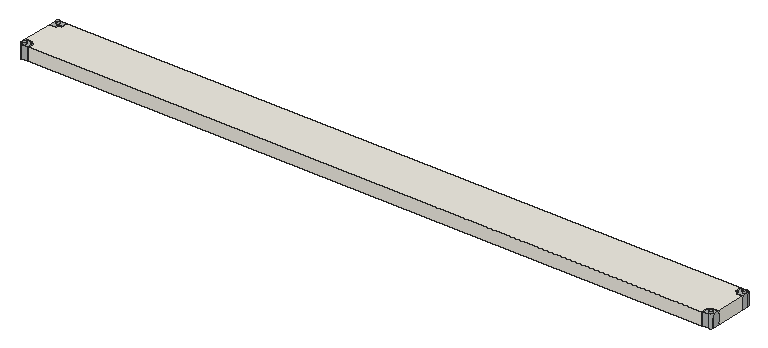
Revit family "HIGHTECH", category Осветительные приборы, Revit 2019 (continued)
Types (32, lengths in mm): name | Файл фотометрической сетки | built-in parameter 1150105 | Lumens | built-in parameter 1150106 | built-in parameter 1150142 | Wattage | Emit from Rectangle Width | Emit from Rectangle Length | Длина | Ширина | ADSK_Ток | ADSK_Полная мощность | ADSK_Обозначение | ADSK_Номинальная мощность | ADSK_Наименование | ADSK_Масса | ADSK_Код изделия
  Hightech-38/opal-sand 595х595 (IP54, 4000К, белый) c БАП на 1 час | "Светильник HIGHTECH-38 OPAL-SAND-(595x595).IES" | 302.39 (stored number, unit not read) | 3800 lm | 3.0239 (stored number, unit not read) | "IESNA:LM-63-95\r\n[TEST] Протокол № 50-13\r\n[DATA] 17.06.2016\r\n[MORE] \r\n[MANUFAC] ЗАО \"Центрстройсвет\"\r\n[LUMCAT]  Светильник HIGHTECH-38/OPAL-SAND-(595x595)\r\n[LUMINAIRE]\r\n[LAMPCAT] Светодиоды\r\n[LAMP] Поток источника света (светодиодов) не известен\r\n[MORE] КСС приведена в абсолютных величинах кд\r\n[MORE] Вместо потока лампы, указан поток светильника.\r\nTILT=NONE\r\n1    3750 1.0 37 73 1 2 0.595 0.595 0.04\r\n1.0 1.0 38.7\r\n0.0 5.0 10.0 15.0 20.0 25.0 30.0 35.0 40.0 45.0 50.0 55.0 60.0 65.0 70.0 75.0 80.0 85.0 90.0 95.0 100.0 105.0 110.0 115.0 120.0 125.0 130.0 135.0 140.0 145.0 150.0 155.0 160.0 165.0 170.0 175.0 180.0\r\n0.0 5.0 10.0 15.0 20.0 25.0 30.0 35.0 40.0 45.0 50.0 55.0 60.0 65.0 70.0 75.0 80.0 85.0 90.0 95.0 100.0 105.0 110.0 115.0 120.0 125.0 130.0 135.0 140.0 145.0 150.0 155.0 160.0 165.0 170.0 175.0 180.0 185.0 190.0 195.0 200.0 205.0 210.0 215.0 220.0 225.0 230.0 235.0 240.0 245.0 250.0 255.0 260.0 265.0 270.0 275.0 280.0 285.0 290.0 295.0 300.0 305.0 310.0 315.0 320.0 325.0 330.0 335.0 340.0 345.0 350.0 355.0 360.0\r\n1391.4 1390.6 1365.7 1330.6 1277.5 1214.9 1147.5 1059.6 967.6 873.2 772.4 664.9 556.3 449.1 342.7 240.6 147.1 64.2 4.7 0.0 0.0 0.0 0.0 0.0 0.0 0.0 0.0 0.0 0.0 0.0 0.0 0.0 0.0 0.0 0.0 0.0 0.0\r\n1391.4 1390.5 1367.8 1332.7 1284.3 1221.3 1147.0 1062.1 969.2 872.4 773.2 666.3 557.1 450.1 343.8 241.9 146.9 64.7 5.2 0.0 0.0 0.0 0.0 0.0 0.0 0.0 0.0 0.0 0.0 0.0 0.0 0.0 0.0 0.0 0.0 0.0 0.0\r\n1391.4 1390.2 1372.0 1333.3 1277.3 1216.8 1144.5 1057.4 969.6 875.1 773.8 669.5 560.0 454.6 345.8 242.4 148.5 65.8 5.4 0.0 0.0 0.0 0.0 0.0 0.0 0.0 0.0 0.0 0.0 0.0 0.0 0.0 0.0 0.0 0.0 0.0 0.0\r\n1391.4 1389.8 1371.2 1330.7 1279.5 1220.5 1148.3 1059.9 967.7 873.2 767.5 666.8 561.4 453.0 347.1 243.7 149.9 65.6 5.8 0.0 0.0 0.0 0.0 0.0 0.0 0.0 0.0 0.0 0.0 0.0 0.0 0.0 0.0 0.0 0.0 0.0 0.0\r\n1391.4 1389.8 1368.3 1329.3 1285.0 1214.6 1141.1 1058.7 971.8 871.3 775.2 666.9 559.4 452.6 345.8 242.5 150.0 65.8 6.1 0.0 0.0 0.0 0.0 0.0 0.0 0.0 0.0 0.0 0.0 0.0 0.0 0.0 0.0 0.0 0.0 0.0 0.0\r\n1391.4 1390.5 1367.3 1332.3 1281.7 1219.0 1142.8 1064.6 970.5 874.4 772.1 667.5 560.2 453.0 346.2 241.8 149.4 65.7 5.6 0.0 0.0 0.0 0.0 0.0 0.0 0.0 0.0 0.0 0.0 0.0 0.0 0.0 0.0 0.0 0.0 0.0 0.0\r\n1391.4 1391.4 1368.1 1333.5 1277.3 1215.7 1139.0 1059.6 968.1 872.4 771.6 667.4 558.8 453.3 344.3 243.9 148.4 65.7 5.4 0.0 0.0 0.0 0.0 0.0 0.0 0.0 0.0 0.0 0.0 0.0 0.0 0.0 0.0 0.0 0.0 0.0 0.0\r\n1391.4 1391.7 1368.1 1330.4 1278.2 1213.9 1142.4 1061.6 967.4 875.1 772.0 669.3 561.1 452.5 345.2 242.1 148.3 65.4 5.5 0.0 0.0 0.0 0.0 0.0 0.0 0.0 0.0 0.0 0.0 0.0 0.0 0.0 0.0 0.0 0.0 0.0 0.0\r\n1391.4 1391.5 1371.0 1328.4 1278.5 1216.7 1142.1 1061.2 971.8 874.7 772.1 668.9 560.8 452.9 345.4 243.3 147.7 66.0 5.4 0.0 0.0 0.0 0.0 0.0 0.0 0.0 0.0 0.0 0.0 0.0 0.0 0.0 0.0 0.0 0.0 0.0 0.0\r\n1391.4 1391.5 1373.2 1330.5 1277.3 1215.5 1143.2 1063.6 967.0 872.7 772.2 669.4 558.9 453.2 346.6 241.9 148.1 65.2 5.5 0.0 0.0 0.0 0.0 0.0 0.0 0.0 0.0 0.0 0.0 0.0 0.0 0.0 0.0 0.0 0.0 0.0 0.0\r\n1391.4 1391.4 1369.7 1328.3 1281.3 1216.0 1139.8 1057.9 968.7 875.3 773.9 667.6 561.8 454.0 344.0 243.1 147.2 65.6 5.5 0.0 0.0 0.0 0.0 0.0 0.0 0.0 0.0 0.0 0.0 0.0 0.0 0.0 0.0 0.0 0.0 0.0 0.0\r\n1391.4 1390.5 1367.9 1330.1 1278.1 1218.1 1138.9 1061.0 970.0 871.8 770.4 669.3 560.2 453.4 346.9 242.1 148.3 65.2 5.2 0.0 0.0 0.0 0.0 0.0 0.0 0.0 0.0 0.0 0.0 0.0 0.0 0.0 0.0 0.0 0.0 0.0 0.0\r\n1391.4 1389.3 1368.2 1329.1 1280.8 1214.4 1142.5 1059.2 967.2 874.3 772.4 668.0 563.1 452.3 345.7 242.8 146.8 64.9 5.1 0.0 0.0 0.0 0.0 0.0 0.0 0.0 0.0 0.0 0.0 0.0 0.0 0.0 0.0 0.0 0.0 0.0 0.0\r\n1391.4 1388.6 1367.4 1327.8 1278.0 1215.7 1141.0 1061.0 971.5 877.3 771.2 667.3 561.5 453.0 346.4 242.4 146.3 64.8 5.2 0.0 0.0 0.0 0.0 0.0 0.0 0.0 0.0 0.0 0.0 0.0 0.0 0.0 0.0 0.0 0.0 0.0 0.0\r\n1391.4 1388.0 1367.6 1326.7 1278.3 1218.0 1140.9 1061.5 968.4 873.4 770.1 666.6 562.1 454.6 344.8 241.8 146.4 64.0 5.5 0.0 0.0 0.0 0.0 0.0 0.0 0.0 0.0 0.0 0.0 0.0 0.0 0.0 0.0 0.0 0.0 0.0 0.0\r\n1391.4 1387.2 1366.1 1331.0 1281.4 1216.3 1142.7 1059.1 969.4 871.5 772.2 667.3 560.5 453.0 344.4 242.2 146.4 63.8 5.6 0.0 0.0 0.0 0.0 0.0 0.0 0.0 0.0 0.0 0.0 0.0 0.0 0.0 0.0 0.0 0.0 0.0 0.0\r\n1391.4 1387.1 1366.3 1328.7 1276.9 1214.5 1141.2 1059.3 968.4 874.3 775.5 668.3 562.5 454.9 346.4 241.3 146.2 63.5 5.7 0.0 0.0 0.0 0.0 0.0 0.0 0.0 0.0 0.0 0.0 0.0 0.0 0.0 0.0 0.0 0.0 0.0 0.0\r\n1391.4 1388.4 1366.0 1329.7 1279.2 1217.9 1140.0 1060.5 969.0 873.9 772.0 671.3 560.4 453.2 343.7 241.7 145.8 63.7 5.4 0.0 0.0 0.0 0.0 0.0 0.0 0.0 0.0 0.0 0.0 0.0 0.0 0.0 0.0 0.0 0.0 0.0 0.0\r\n1391.4 1389.6 1367.7 1329.3 1277.2 1211.1 1140.1 1061.0 971.0 871.2 769.2 669.1 561.5 453.1 343.3 241.9 145.8 63.4 5.2 0.0 0.0 0.0 0.0 0.0 0.0 0.0 0.0 0.0 0.0 0.0 0.0 0.0 0.0 0.0 0.0 0.0 0.0\r\n1391.4 1388.8 1366.9 1327.1 1279.4 1214.2 1142.5 1056.4 970.7 870.3 771.0 665.1 560.4 453.3 343.8 241.1 145.7 63.4 5.2 0.0 0.0 0.0 0.0 0.0 0.0 0.0 0.0 0.0 0.0 0.0 0.0 0.0 0.0 0.0 0.0 0.0 0.0\r\n1391.4 1387.2 1365.8 1328.9 1276.6 1210.2 1141.4 1059.3 966.6 871.4 770.5 667.4 559.2 451.4 344.2 241.0 145.6 63.2 5.1 0.0 0.0 0.0 0.0 0.0 0.0 0.0 0.0 0.0 0.0 0.0 0.0 0.0 0.0 0.0 0.0 0.0 0.0\r\n1391.4 1386.8 1364.4 1329.8 1279.4 1213.7 1144.0 1059.0 965.3 873.7 768.8 668.9 559.4 449.5 342.6 241.5 144.6 63.4 5.0 0.0 0.0 0.0 0.0 0.0 0.0 0.0 0.0 0.0 0.0 0.0 0.0 0.0 0.0 0.0 0.0 0.0 0.0\r\n1391.4 1388.1 1365.8 1328.1 1273.8 1213.4 1137.9 1059.2 967.3 869.2 769.3 667.7 558.4 451.4 344.0 240.6 145.7 63.4 4.9 0.0 0.0 0.0 0.0 0.0 0.0 0.0 0.0 0.0 0.0 0.0 0.0 0.0 0.0 0.0 0.0 0.0 0.0\r\n1391.4 1389.2 1364.4 1323.2 1276.3 1213.8 1137.6 1055.3 963.1 871.0 767.7 664.1 559.7 447.1 342.4 240.1 145.2 63.9 5.1 0.0 0.0 0.0 0.0 0.0 0.0 0.0 0.0 0.0 0.0 0.0 0.0 0.0 0.0 0.0 0.0 0.0 0.0\r\n1391.4 1388.4 1362.3 1326.8 1274.4 1212.2 1137.9 1054.7 966.7 867.9 768.7 663.4 557.3 449.2 343.3 240.0 145.7 63.6 5.0 0.0 0.0 0.0 0.0 0.0 0.0 0.0 0.0 0.0 0.0 0.0 0.0 0.0 0.0 0.0 0.0 0.0 0.0\r\n1391.4 1386.2 1361.8 1326.5 1273.3 1211.2 1134.5 1048.6 964.3 866.3 767.8 662.9 556.7 449.5 341.9 239.8 145.7 63.7 5.0 0.0 0.0 0.0 0.0 0.0 0.0 0.0 0.0 0.0 0.0 0.0 0.0 0.0 0.0 0.0 0.0 0.0 0.0\r\n1391.4 1384.4 1363.5 1324.4 1272.0 1209.5 1137.2 1053.0 960.2 867.5 767.9 662.7 556.7 449.2 342.5 239.1 146.2 63.8 4.8 0.0 0.0 0.0 0.0 0.0 0.0 0.0 0.0 0.0 0.0 0.0 0.0 0.0 0.0 0.0 0.0 0.0 0.0\r\n1391.4 1383.7 1362.4 1324.4 1274.0 1209.5 1134.4 1050.1 965.4 864.9 764.6 662.3 556.6 447.9 340.5 240.3 145.5 64.6 4.6 0.0 0.0 0.0 0.0 0.0 0.0 0.0 0.0 0.0 0.0 0.0 0.0 0.0 0.0 0.0 0.0 0.0 0.0\r\n1391.4 1384.4 1361.9 1326.9 1270.2 1207.3 1132.7 1050.1 959.7 867.7 763.1 662.2 555.0 447.3 343.0 238.3 145.8 63.9 4.7 0.0 0.0 0.0 0.0 0.0 0.0 0.0 0.0 0.0 0.0 0.0 0.0 0.0 0.0 0.0 0.0 0.0 0.0\r\n1391.4 1385.1 1363.0 1320.0 1270.4 1207.9 1134.4 1055.0 963.5 867.3 766.7 660.7 555.9 450.1 342.6 240.2 145.9 64.3 4.9 0.0 0.0 0.0 0.0 0.0 0.0 0.0 0.0 0.0 0.0 0.0 0.0 0.0 0.0 0.0 0.0 0.0 0.0\r\n1391.4 1384.9 1362.3 1321.4 1273.1 1208.0 1135.4 1052.3 961.9 865.0 764.0 660.8 553.5 447.6 341.2 240.3 146.1 63.8 4.8 0.0 0.0 0.0 0.0 0.0 0.0 0.0 0.0 0.0 0.0 0.0 0.0 0.0 0.0 0.0 0.0 0.0 0.0\r\n1391.4 1383.8 1361.2 1322.1 1265.1 1211.5 1132.8 1049.3 961.3 863.4 764.0 661.0 550.7 447.9 341.0 240.1 146.2 63.8 4.6 0.0 0.0 0.0 0.0 0.0 0.0 0.0 0.0 0.0 0.0 0.0 0.0 0.0 0.0 0.0 0.0 0.0 0.0\r\n1391.4 1382.8 1359.3 1321.5 1269.3 1206.8 1132.8 1051.1 958.3 863.2 763.1 662.7 553.4 448.0 340.4 240.0 145.8 63.8 4.0 0.0 0.0 0.0 0.0 0.0 0.0 0.0 0.0 0.0 0.0 0.0 0.0 0.0 0.0 0.0 0.0 0.0 0.0\r\n1391.4 1382.6 1359.0 1319.6 1268.1 1204.3 1129.8 1049.0 957.7 861.8 761.7 658.4 554.2 446.1 340.4 239.0 145.6 63.8 3.8 0.0 0.0 0.0 0.0 0.0 0.0 0.0 0.0 0.0 0.0 0.0 0.0 0.0 0.0 0.0 0.0 0.0 0.0\r\n1391.4 1382.8 1358.5 1315.8 1266.5 1202.1 1128.5 1049.2 957.6 860.0 762.1 658.2 549.9 443.8 339.6 238.4 145.7 63.6 3.7 0.0 0.0 0.0 0.0 0.0 0.0 0.0 0.0 0.0 0.0 0.0 0.0 0.0 0.0 0.0 0.0 0.0 0.0\r\n1391.4 1382.2 1360.5 1319.2 1265.9 1204.5 1129.9 1046.9 955.0 862.9 758.9 657.9 552.5 444.9 338.9 238.8 145.3 63.6 3.3 0.0 0.0 0.0 0.0 0.0 0.0 0.0 0.0 0.0 0.0 0.0 0.0 0.0 0.0 0.0 0.0 0.0 0.0\r\n1391.4 1381.1 1361.2 1321.0 1268.1 1203.8 1128.8 1047.4 955.6 863.7 761.1 656.4 551.5 445.2 339.2 238.5 144.7 62.5 3.5 0.0 0.0 0.0 0.0 0.0 0.0 0.0 0.0 0.0 0.0 0.0 0.0 0.0 0.0 0.0 0.0 0.0 0.0\r\n1391.4 1380.6 1359.0 1316.4 1268.5 1204.0 1126.1 1049.5 956.2 859.6 759.7 656.5 549.2 444.3 338.4 236.1 143.8 61.6 3.2 0.0 0.0 0.0 0.0 0.0 0.0 0.0 0.0 0.0 0.0 0.0 0.0 0.0 0.0 0.0 0.0 0.0 0.0\r\n1391.4 1380.7 1356.6 1316.0 1267.0 1205.6 1130.3 1044.8 956.9 856.7 759.3 653.5 548.1 441.9 335.3 235.4 141.4 60.3 2.9 0.0 0.0 0.0 0.0 0.0 0.0 0.0 0.0 0.0 0.0 0.0 0.0 0.0 0.0 0.0 0.0 0.0 0.0\r\n1391.4 1380.4 1354.4 1317.9 1268.8 1199.0 1129.0 1044.0 956.9 860.6 758.3 656.9 549.1 442.0 334.4 236.1 141.7 60.5 2.6 0.0 0.0 0.0 0.0 0.0 0.0 0.0 0.0 0.0 0.0 0.0 0.0 0.0 0.0 0.0 0.0 0.0 0.0\r\n1391.4 1380.1 1356.7 1322.1 1264.6 1201.7 1129.9 1047.4 957.2 859.7 758.2 656.1 549.4 442.8 335.3 235.8 141.3 60.6 2.3 0.0 0.0 0.0 0.0 0.0 0.0 0.0 0.0 0.0 0.0 0.0 0.0 0.0 0.0 0.0 0.0 0.0 0.0\r\n1391.4 1379.9 1357.3 1317.5 1265.9 1207.8 1129.2 1046.5 955.7 860.2 758.6 656.9 550.7 441.9 335.4 233.9 140.6 60.2 2.4 0.0 0.0 0.0 0.0 0.0 0.0 0.0 0.0 0.0 0.0 0.0 0.0 0.0 0.0 0.0 0.0 0.0 0.0\r\n1391.4 1379.2 1355.5 1314.6 1269.3 1203.7 1133.5 1044.8 957.2 857.9 762.0 656.6 548.7 440.4 335.9 234.5 140.4 59.8 2.8 0.0 0.0 0.0 0.0 0.0 0.0 0.0 0.0 0.0 0.0 0.0 0.0 0.0 0.0 0.0 0.0 0.0 0.0\r\n1391.4 1377.9 1357.1 1319.2 1271.9 1204.4 1128.6 1050.2 953.1 856.9 757.6 653.7 548.9 439.9 335.4 232.4 140.5 59.2 3.0 0.0 0.0 0.0 0.0 0.0 0.0 0.0 0.0 0.0 0.0 0.0 0.0 0.0 0.0 0.0 0.0 0.0 0.0\r\n1391.4 1377.2 1356.3 1322.9 1266.0 1204.8 1132.2 1049.0 958.1 859.3 759.0 654.6 547.0 441.6 334.9 232.1 139.3 58.8 2.9 0.0 0.0 0.0 0.0 0.0 0.0 0.0 0.0 0.0 0.0 0.0 0.0 0.0 0.0 0.0 0.0 0.0 0.0\r\n1391.4 1377.8 1353.8 1319.7 1269.6 1207.9 1135.8 1049.5 955.8 858.0 762.4 655.9 548.2 441.6 335.6 231.7 139.4 58.8 2.8 0.0 0.0 0.0 0.0 0.0 0.0 0.0 0.0 0.0 0.0 0.0 0.0 0.0 0.0 0.0 0.0 0.0 0.0\r\n1391.4 1378.5 1355.2 1319.8 1267.3 1206.5 1131.2 1046.1 954.6 861.2 756.6 653.8 548.1 440.3 335.0 232.6 138.6 59.0 2.9 0.0 0.0 0.0 0.0 0.0 0.0 0.0 0.0 0.0 0.0 0.0 0.0 0.0 0.0 0.0 0.0 0.0 0.0\r\n1391.4 1378.6 1355.1 1318.3 1269.7 1200.8 1133.1 1049.0 957.6 862.5 762.4 656.9 549.3 443.5 334.7 231.2 138.8 58.1 3.0 0.0 0.0 0.0 0.0 0.0 0.0 0.0 0.0 0.0 0.0 0.0 0.0 0.0 0.0 0.0 0.0 0.0 0.0\r\n1391.4 1378.8 1355.8 1321.7 1268.8 1210.0 1129.0 1048.5 958.8 862.4 762.2 656.4 549.0 441.1 335.4 231.5 138.5 58.1 3.0 0.0 0.0 0.0 0.0 0.0 0.0 0.0 0.0 0.0 0.0 0.0 0.0 0.0 0.0 0.0 0.0 0.0 0.0\r\n1391.4 1379.6 1357.6 1321.7 1269.0 1207.1 1133.9 1047.0 964.1 863.3 761.9 656.4 551.5 440.7 334.9 232.2 137.6 58.1 2.8 0.0 0.0 0.0 0.0 0.0 0.0 0.0 0.0 0.0 0.0 0.0 0.0 0.0 0.0 0.0 0.0 0.0 0.0\r\n1391.4 1380.6 1357.7 1319.2 1272.0 1207.5 1131.3 1054.6 959.0 863.3 764.8 655.9 549.1 443.0 335.1 231.3 138.0 58.1 2.7 0.0 0.0 0.0 0.0 0.0 0.0 0.0 0.0 0.0 0.0 0.0 0.0 0.0 0.0 0.0 0.0 0.0 0.0\r\n1391.4 1381.5 1358.5 1321.9 1271.0 1204.1 1135.9 1055.8 962.5 865.5 761.1 656.9 550.6 442.0 335.3 231.9 137.4 57.9 2.6 0.0 0.0 0.0 0.0 0.0 0.0 0.0 0.0 0.0 0.0 0.0 0.0 0.0 0.0 0.0 0.0 0.0 0.0\r\n1391.4 1381.3 1358.5 1322.3 1270.8 1207.2 1133.7 1051.9 958.0 867.3 767.5 657.0 552.1 442.3 333.6 231.2 137.9 57.8 2.6 0.0 0.0 0.0 0.0 0.0 0.0 0.0 0.0 0.0 0.0 0.0 0.0 0.0 0.0 0.0 0.0 0.0 0.0\r\n1391.4 1380.6 1359.4 1319.7 1270.6 1209.0 1133.0 1052.1 963.9 867.5 764.1 660.0 554.0 443.3 334.8 231.7 137.6 57.8 2.7 0.0 0.0 0.0 0.0 0.0 0.0 0.0 0.0 0.0 0.0 0.0 0.0 0.0 0.0 0.0 0.0 0.0 0.0\r\n1391.4 1381.3 1359.9 1321.3 1270.6 1204.8 1135.0 1051.3 962.1 865.5 761.7 660.3 553.1 443.5 334.1 231.9 137.9 57.8 2.8 0.0 0.0 0.0 0.0 0.0 0.0 0.0 0.0 0.0 0.0 0.0 0.0 0.0 0.0 0.0 0.0 0.0 0.0\r\n1391.4 1383.1 1362.1 1324.8 1273.8 1208.7 1134.8 1055.9 961.8 866.4 762.3 659.7 552.4 443.7 334.4 232.8 138.0 58.0 2.8 0.0 0.0 0.0 0.0 0.0 0.0 0.0 0.0 0.0 0.0 0.0 0.0 0.0 0.0 0.0 0.0 0.0 0.0\r\n1391.4 1384.6 1360.4 1321.7 1272.0 1210.6 1130.9 1052.5 963.1 866.7 767.4 659.3 553.7 444.6 335.4 233.1 138.3 58.0 2.8 0.0 0.0 0.0 0.0 0.0 0.0 0.0 0.0 0.0 0.0 0.0 0.0 0.0 0.0 0.0 0.0 0.0 0.0\r\n1391.4 1385.6 1357.5 1324.7 1273.9 1211.6 1134.3 1052.7 963.6 865.4 763.1 658.7 552.2 444.9 336.9 232.8 138.8 58.6 2.9 0.0 0.0 0.0 0.0 0.0 0.0 0.0 0.0 0.0 0.0 0.0 0.0 0.0 0.0 0.0 0.0 0.0 0.0\r\n1391.4 1386.4 1357.8 1323.4 1273.2 1212.2 1136.3 1054.7 967.5 867.5 764.0 659.4 553.3 443.7 336.8 233.2 138.9 58.5 3.1 0.0 0.0 0.0 0.0 0.0 0.0 0.0 0.0 0.0 0.0 0.0 0.0 0.0 0.0 0.0 0.0 0.0 0.0\r\n1391.4 1386.6 1362.0 1324.9 1273.2 1211.3 1139.0 1049.9 960.3 866.4 768.0 661.3 552.2 443.4 336.3 233.4 139.8 58.9 3.1 0.0 0.0 0.0 0.0 0.0 0.0 0.0 0.0 0.0 0.0 0.0 0.0 0.0 0.0 0.0 0.0 0.0 0.0\r\n1391.4 1386.0 1360.5 1326.0 1271.8 1212.0 1137.2 1059.3 963.5 867.6 766.9 661.2 552.3 445.8 337.8 233.6 141.0 59.2 3.3 0.0 0.0 0.0 0.0 0.0 0.0 0.0 0.0 0.0 0.0 0.0 0.0 0.0 0.0 0.0 0.0 0.0 0.0\r\n1391.4 1385.0 1362.3 1325.1 1272.0 1207.1 1138.5 1053.6 964.5 865.8 766.5 661.6 554.3 445.9 337.0 234.5 140.4 60.2 3.5 0.0 0.0 0.0 0.0 0.0 0.0 0.0 0.0 0.0 0.0 0.0 0.0 0.0 0.0 0.0 0.0 0.0 0.0\r\n1391.4 1384.4 1361.8 1323.6 1274.0 1214.8 1138.9 1053.9 968.0 867.9 769.0 663.8 555.6 446.7 339.6 235.0 141.3 60.4 3.4 0.0 0.0 0.0 0.0 0.0 0.0 0.0 0.0 0.0 0.0 0.0 0.0 0.0 0.0 0.0 0.0 0.0 0.0\r\n1391.4 1385.0 1360.9 1322.2 1272.4 1209.8 1137.2 1055.7 962.7 869.7 769.6 658.2 556.6 447.4 338.5 236.2 142.5 60.7 3.4 0.0 0.0 0.0 0.0 0.0 0.0 0.0 0.0 0.0 0.0 0.0 0.0 0.0 0.0 0.0 0.0 0.0 0.0\r\n1391.4 1386.6 1363.1 1323.6 1272.5 1211.5 1139.2 1058.4 969.9 868.0 768.8 664.6 556.3 445.8 342.1 236.1 142.3 61.2 3.5 0.0 0.0 0.0 0.0 0.0 0.0 0.0 0.0 0.0 0.0 0.0 0.0 0.0 0.0 0.0 0.0 0.0 0.0\r\n1391.4 1388.6 1360.9 1330.2 1273.7 1213.2 1138.7 1058.3 966.2 867.0 766.8 663.4 553.3 447.1 339.2 238.7 143.0 61.4 3.8 0.0 0.0 0.0 0.0 0.0 0.0 0.0 0.0 0.0 0.0 0.0 0.0 0.0 0.0 0.0 0.0 0.0 0.0\r\n1391.4 1389.8 1360.8 1328.4 1276.8 1216.0 1140.1 1055.8 963.1 870.3 768.4 663.1 554.0 449.1 340.1 237.3 144.8 61.7 3.8 0.0 0.0 0.0 0.0 0.0 0.0 0.0 0.0 0.0 0.0 0.0 0.0 0.0 0.0 0.0 0.0 0.0 0.0\r\n1391.4 1389.3 1362.5 1325.9 1278.0 1210.4 1138.2 1054.7 967.8 872.7 770.2 661.9 556.5 446.9 341.3 237.7 144.4 62.5 3.9 0.0 0.0 0.0 0.0 0.0 0.0 0.0 0.0 0.0 0.0 0.0 0.0 0.0 0.0 0.0 0.0 0.0 0.0\r\n1391.4 1387.8 1365.8 1326.6 1274.3 1213.2 1141.4 1053.1 966.2 871.2 768.4 663.7 555.0 447.1 341.3 238.2 144.3 62.7 4.1 0.0 0.0 0.0 0.0 0.0 0.0 0.0 0.0 0.0 0.0 0.0 0.0 0.0 0.0 0.0 0.0 0.0 0.0\r\n1391.4 1387.2 1364.2 1328.3 1274.8 1209.4 1145.0 1060.0 963.9 867.5 766.5 663.4 556.7 448.2 340.9 240.3 144.7 63.3 4.0 0.0 0.0 0.0 0.0 0.0 0.0 0.0 0.0 0.0 0.0 0.0 0.0 0.0 0.0 0.0 0.0 0.0 0.0\r\n1391.4 1388.4 1364.9 1332.6 1279.0 1215.6 1140.9 1056.3 969.3 867.1 770.0 663.8 559.0 449.0 342.4 240.3 145.7 63.3 4.7 0.0 0.0 0.0 0.0 0.0 0.0 0.0 0.0 0.0 0.0 0.0 0.0 0.0 0.0 0.0 0.0 0.0 0.0\r\n1391.4 1390.0 1364.5 1329.3 1281.4 1217.7 1141.3 1063.3 970.3 871.1 768.8 663.5 555.2 449.3 342.4 239.8 146.6 63.3 4.9 0.0 0.0 0.0 0.0 0.0 0.0 0.0 0.0 0.0 0.0 0.0 0.0 0.0 0.0 0.0 0.0 0.0 0.0\r\n1391.4 1390.6 1365.7 1330.6 1277.5 1214.9 1147.5 1059.6 967.6 873.2 772.4 664.9 556.3 449.1 342.7 240.6 147.1 64.2 4.7 0.0 0.0 0.0 0.0 0.0 0.0 0.0 0.0 0.0 0.0 0.0 0.0 0.0 0.0 0.0 0.0 0.0 0.0\r\n" | 25.582 W | 555 | 555 | 595 | 595 | 0.179584 A | 41.3043 VA | "Hightech-38/opal-sand 595х595 (IP54, 4000К, белый)" | 38 W | "Универсальный светодиодный светильник Hightech-38/opal-sand 595х595 (IP54, 4000К, белый) c БАП на 1 час" | 2.5 | "ЦБ000007543"
